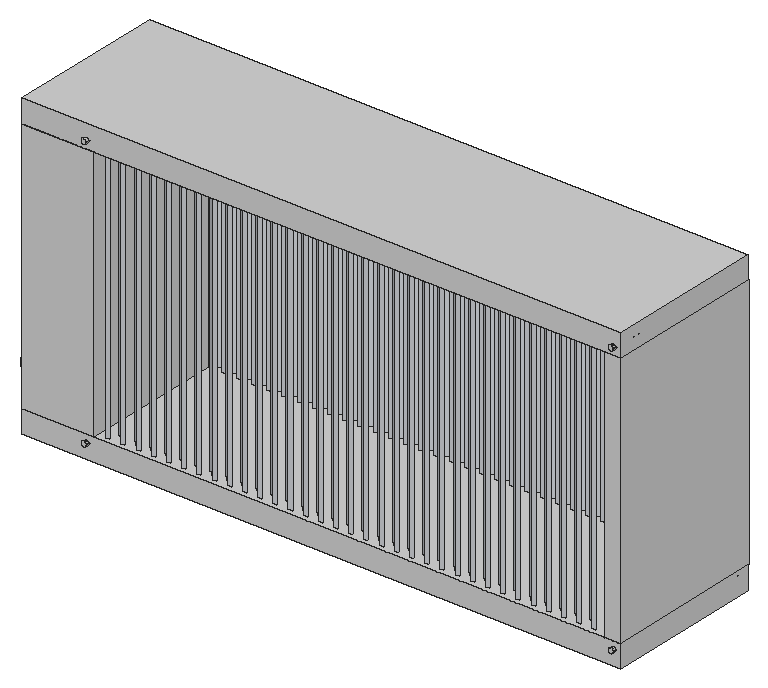
Revit family "НЕВАТОМ_Охладитель OFP-L_20220407", category Оборудование, Revit 2017
Family settings
  Размер круглого соединителя = Использовать диаметр
  Тип детали = Вставляется
  На основе рабочей плоскости = Нет
  Всегда вертикально = Нет
  При загрузке вырезать с полостями = Нет
  Общий = Нет
  Точка расчета площади = Нет
Parameters (values of type "OFP 100-50/3")
  Н = 35 mm
  Материал корпуса = Материал корпуса
  t = 2 mm  # constant formula
  l = 30 mm
  d = 20 mm  # constant formula
  Nevatom_Частотный преобразователь = ""
  Nevatom_Регулятор расхода = ""
  Nevatom_URL = "https://t.me/NEVATOM_Bim_bot"
  Nevatom_ Для задания электроснабжения = ""
  N = D / 30 mm  # 34
  K = 1287 mm
  G = 28 mm
  F = 55 mm
  C пр. сеч = 500 mm
  E = 330 mm
  D пр.сеч = 1000 mm
  D = 1030 mm
  ADSK_Размер_Ширина = 312 mm  # constant formula
  ADSK_Размер_Длина = K  # 1287 mm
  ADSK_Размер_Высота = B  # 588 mm
  ADSK_Материал наименование = "Оцинкованная сталь"  # constant formula
  A = 1170 mm
  C = 530 mm
  B = 588 mm
  ADSK_Ток = 0 A
  ADSK_Полная мощность = 0 kW
  ADSK_Напряжение = 0 V
  ADSK_Расход воздуха = 6000.0 m³/h
  ADSK_Примечание = ""
  ADSK_Потеря давления воздуха = 76.0 Pa
  ADSK_Позиция = ""
  ADSK_Наименование = "ОХЛАДИТЕЛЬ ФРЕОНОВЫЙ"
  ADSK_Масса_Текст = "45,0 кг"
  ADSK_Масса = 45
  ADSK_Марка = "OFP 100-50/3-L"
  ADSK_Код изделия = ""
  ADSK_Завод-изготовитель = "NEVATOM"
  ADSK_Единица измерения = "шт."
  5 = 5 mm  # constant formula
  312 = 312 mm  # constant formula
Types (19, lengths in mm): name | Н | N | K | G | F | C пр. сеч | E | D пр.сеч | D | ADSK_Размер_Длина | ADSK_Размер_Высота | A | C | B | ADSK_Расход воздуха | ADSK_Потеря давления воздуха | ADSK_Масса_Текст | ADSK_Масса | ADSK_Марка
  (no name) | 35 | 34 | 1287 | 28 | 55 | 500 | 330 | 1000 | 1030 | 1287 | 588 | 1170 | 530 | 588 | 6000.0 m³/h | 76.0 Pa | "45,0 кг" | 45 | "OFP 100-50/3-L"
  OFP 40-20/3 | 16 | 14 | 686 | 12 | 64 | 200 | 90 | 400 | 420 | 686 | 266 | 551 | 220 | 266 | 800.0 m³/h | 57.0 Pa | "15,7 кг" | 15.7 | "OFP 40-20/3-L"
  OFP 40-20/4 | 16 | 14 | 686 | 12 | 64 | 200 | 90 | 400 | 420 | 686 | 266 | 551 | 220 | 266 | 800.0 m³/h | 74.0 Pa | "17,0 кг" | 17 | "OFP 40-20/4-L"
  OFP 50-25/3 | 16 | 17 | 785 | 12 | 64 | 250 | 130 | 500 | 520 | 785 | 316 | 650 | 270 | 316 | 1250.0 m³/h | 57.0 Pa | "19,8 кг" | 19.8 | "OFP 50-25/3-L"
  OFP 50-25/4 | 16 | 17 | 785 | 12 | 64 | 250 | 130 | 500 | 520 | 785 | 316 | 650 | 270 | 316 | 1250.0 m³/h | 74.0 Pa | "20,8 кг" | 20.8 | "OFP 50-25/4-L"
  OFP 50-30/3 | 22 | 17 | 786 | 16 | 64 | 300 | 160 | 500 | 520 | 786 | 366 | 650 | 320 | 366 | 1600.0 m³/h | 63.0 Pa | "21,8 кг" | 21.8 | "OFP 50-30/3-L"
  OFP 50-30/4 | 22 | 17 | 786 | 16 | 64 | 300 | 160 | 500 | 520 | 786 | 366 | 650 | 320 | 366 | 1600.0 m³/h | 82.0 Pa | "22,7 кг" | 22.7 | "OFP 50-30/4-L"
  OFP 60-30/3 | 22 | 21 | 887 | 16 | 64 | 300 | 160 | 600 | 630 | 887 | 387 | 771 | 332 | 387 | 1850.0 m³/h | 59.0 Pa | "24,2 кг" | 24.2 | "OFP 60-30/3-L"
  OFP 60-30/4 | 22 | 21 | 887 | 16 | 64 | 300 | 160 | 600 | 630 | 887 | 387 | 771 | 332 | 387 | 1850.0 m³/h | 78.0 Pa | "25,4 кг" | 25.4 | "OFP 60-30/4-L"
  OFP 60-35/3 | 22 | 21 | 887 | 16 | 64 | 350 | 190 | 600 | 630 | 887 | 436 | 771 | 382 | 436 | 2150.0 m³/h | 59.0 Pa | "26,0 кг" | 26 | "OFP 60-35/3-L"
  OFP 60-35/4 | 22 | 21 | 887 | 16 | 64 | 350 | 190 | 600 | 630 | 887 | 436 | 771 | 382 | 436 | 2150.0 m³/h | 77.0 Pa | "27,4 кг" | 27.4 | "OFP 60-35/4-L"
  OFP 70-40/3 | 28 | 24 | 987 | 22 | 64 | 400 | 230 | 700 | 730 | 987 | 487 | 871 | 432 | 487 | 3500.0 m³/h | 81.0 Pa | "28,3 кг" | 28.3 | "OFP 70-40/3-L"
  OFP 70-40/4 | 28 | 24 | 987 | 22 | 64 | 400 | 230 | 700 | 730 | 987 | 487 | 871 | 432 | 487 | 3500.0 m³/h | 106.0 Pa | "32,0 кг" | 32 | "OFP 70-40/4-L"
  OFP 80-50/3 | 28 | 28 | 1087 | 22 | 64 | 500 | 290 | 800 | 830 | 1087 | 588 | 974 | 530 | 588 | 5000.0 m³/h | 81.0 Pa | "40,0 кг" | 40 | "OFP 80-50/3-L"
  OFP 80-50/4 | 28 | 28 | 1087 | 22 | 64 | 500 | 290 | 800 | 830 | 1087 | 588 | 974 | 530 | 588 | 5000.0 m³/h | 107.0 Pa | "40,3 кг" | 40.3 | "OFP 80-50/4-L"
  OFP 90-50/3 | 35 | 31 | 1215 | 28 | 64 | 500 | 320 | 900 | 930 | 1215 | 588 | 1080 | 530 | 588 | 5500.0 m³/h | 78.0 Pa | "42,0 кг" | 42 | "OFP 90-50/3-L"
  OFP 90-50/4 | 35 | 31 | 1215 | 28 | 64 | 500 | 320 | 900 | 930 | 1215 | 588 | 1080 | 530 | 588 | 5500.0 m³/h | 103.0 Pa | "43,3 кг" | 43.3 | "OFP 90-50/4-L"
  OFP 100-50/3 | 35 | 34 | 1287 | 28 | 55 | 500 | 330 | 1000 | 1030 | 1287 | 588 | 1170 | 530 | 588 | 6000.0 m³/h | 76.0 Pa | "45,0 кг" | 45 | "OFP 100-50/3-L"
  OFP 100-50/4 | 35 | 34 | 1287 | 28 | 55 | 500 | 330 | 1000 | 1030 | 1287 | 588 | 1170 | 530 | 588 | 6000.0 m³/h | 101.0 Pa | "46,3 кг" | 46.3 | "OFP 100-50/4-L"
Reference planes
  plane 1 "По центру (Вперед/Назад)": y = 0
  plane 2: z = 100.007
  plane 3 "По центру (Влево/Вправо)": x = 0
  plane 4: z = 265.007
  plane 5: z = -64.993
  plane 6: x = 500
  plane 7: x = -500
  plane 8: z = 350.007
  plane 9: z = -149.993
  plane 10: z = 394.007
  plane 11: z = -193.993
  plane 12: x = 530
  plane 13: x = -640
  plane 14: x = -515
  plane 15: x = 515
  plane 16: y = -156
  plane 17: y = 156
  plane 18: x = -757
  plane 19: y = 96.5
  plane 20: y = 41.5
  plane 21: z = -171.993
  plane 22: z = 365.007
  plane 23: z = -164.993
Forms (mm)
  Extrusion 1, solid, material "Материал корпуса"
    sketch origin (0, 0, 0) x (1, 0, 0) y (0, 0, 1)
      loop
        line (-640, 394.007) -> (-640, 350.007) -> (530, 350.007) -> (530, 394.007) -> (-640, 394.007)
      loop
        line (-640, -193.993) -> (530, -193.993) -> (530, -149.993) -> (-640, -149.993) -> (-640, -193.993)
    from -156 to 156
  Extrusion 2, solid, material "Материал корпуса" <- "Материал корпуса"
    sketch origin (0, 0, 0) x (1, 0, 0) y (0, 0, 1)
      loop
        circle (-515, 365.007) r 5
      loop
        circle (515, 365.007) r 5
      loop
        circle (515, -164.993) r 5
      loop
        circle (-515, -164.993) r 5
    from -161 to 161
  Extrusion 3, solid, material "Материал корпуса"
    sketch origin (0, 0, 100.007) x (1, 0, 0) y (0, 1, 0)
      loop
        line (500, 156) -> (500, -156) -> (530, -156) -> (530, 156) -> (500, 156)
      loop
        line (-640, 156) -> (-640, -156) -> (-500, -156) -> (-500, 156) -> (-640, 156)
    from -250 to 250
  Extrusion 4, solid, material "Материал корпуса"
    sketch origin (-280, 0, 0) x (0, 1, 0) y (0, 0, -1)
      loop
        circle (0, 171.993) r 14
      loop
        circle (41.5, 64.993) r 17.5
      loop
        circle (96.5, -265.007) r 14
    from 360 to 477
Dimensions and locks
  "A": plane 12 to plane 13
  equal spacing: plane 6, plane 3 "По центру (Влево/Вправо)", plane 7
  "D пр.сеч": plane 6 to plane 7
  "l": plane 12 to plane 6
  equal spacing: plane 8, level, plane 9
  "C пр. сеч": plane 8 to plane 9
  equal spacing: plane 4, plane 2, plane 5
  "E": plane 4 to plane 5
  "B": plane 10 to plane 11
  equal spacing: plane 10, plane 2, plane 11
  equal spacing: plane 17, plane 1 "По центру (Вперед/Назад)", plane 16
  "312": plane 17 to plane 16
  plane 18 to plane 13 = 117 mm
  plane 13 to plane 12 = 1170 mm
  equal spacing: plane 15, plane 3 "По центру (Влево/Вправо)", plane 14
  "D": plane 15 to plane 14
  equal spacing: plane 9, plane 21, plane 11
  "F": plane 20 to plane 19
  plane 1 "По центру (Вперед/Назад)" to plane 20 = 41.5 mm
  locked: plane 19 to plane 17 at 59.5
  equal spacing: group 1, group 3, group 4, group 5, group 6, group 7, group 8, group 9, group 10, group 11, group 12, group 13, group 14, group 29, group 30, group 31, group 35, group 36, group 37, group 38, group 43, group 44, group 45, group 46, group 47, group 48, group 49, group 50, group 51, group 52, group 63, group 64, group 65, group 2  (x3)
  locked: nested 15 to plane 16 at 10
  equal spacing: group 16, group 68, group 67, group 66, group 62, group 61, group 60, group 59, group 58, group 57, group 56, group 55, group 54, group 53, group 42, group 41, group 40, group 39, group 34, group 33, group 32, group 28, group 27, group 26, group 25, group 24, group 23, group 22, group 21, group 20, group 19, group 18, group 17, group 15
  equal spacing: group 15, group 17, group 18, group 19, group 20, group 21, group 22, group 23, group 24, group 25, group 26, group 27, group 28, group 32, group 33, group 34, group 39, group 40, group 41, group 42, group 53, group 54, group 55, group 56, group 57, group 58, group 59, group 60, group 61, group 62, group 66, group 67, group 68, group 16  (x2)
  "5": Extrusion 2 to plane 17
  "5": plane 16 to Extrusion 2
  "K": plane 12 to plane 18
  equal spacing: plane 22, plane 2, plane 23
  "C": plane 22 to plane 23
  "G": diameter of Extrusion 4 sketch curve  (x2)
  "Н": diameter of Extrusion 4 sketch curve
  aligned and locked: level to plane 2
  aligned and locked: Extrusion 1 sketch curve to plane 10
  aligned and locked: plane 13 to Extrusion 1 sketch curve
  aligned and locked: plane 8 to Extrusion 1 sketch curve
  aligned and locked: Extrusion 1 sketch curve to plane 12
  aligned and locked: Extrusion 1 sketch curve to plane 11
  aligned and locked: Extrusion 1 sketch curve to plane 13
  aligned and locked: plane 9 to Extrusion 1 sketch curve
  aligned and locked: plane 12 to Extrusion 1 sketch curve
  aligned and locked: plane 17 to Extrusion 1
  aligned and locked: Extrusion 1 to plane 16
  aligned and locked: plane 7 to nested 1
  aligned and locked: plane 6 to nested 2
  aligned and locked: nested 15 to plane 6
  aligned and locked: nested 16 to plane 7
  aligned and locked: plane 14 to Extrusion 2 sketch curve  (x2)
  aligned and locked: plane 15 to Extrusion 2 sketch curve  (x2)
  aligned and locked: Extrusion 3 to Extrusion 1
  aligned and locked: Extrusion 3 sketch curve to Extrusion 1  (x2)
  aligned and locked: plane 16 to Extrusion 3 sketch curve
  aligned and locked: Extrusion 3 sketch curve to plane 7
  aligned and locked: plane 8 to Extrusion 3
  aligned and locked: plane 13 to Extrusion 4
  aligned and locked: Extrusion 4 to plane 18
  aligned and locked: plane 22 to Extrusion 2 sketch curve  (x2)
  aligned and locked: plane 23 to Extrusion 2 sketch curve  (x2)
  aligned and locked: plane 20 to Extrusion 4 sketch curve
  aligned and locked: plane 5 to Extrusion 4 sketch curve
  aligned and locked: nested 63 to Extrusion 1  (x3)
Automatic sketch dimensions
  Extrusion 3 sketch curve to plane 6 = 0 mm
  Extrusion 3 sketch curve to plane 12 = 0 mm
  Extrusion 3 sketch curve to plane 16 = 0 mm
  Extrusion 3 sketch curve to plane 17 = 0 mm
  Extrusion 4 sketch curve to plane 1 "По центру (Вперед/Назад)" = 0 mm
  Extrusion 4 sketch curve to plane 4 = 0 mm
  Extrusion 4 sketch curve to plane 19 = 0 mm
  Extrusion 4 sketch curve to plane 21 = 0 mm
  radius of Extrusion 2 sketch curve = 5 mm  (x4)
Nested families
  nested 1: "Семейство1" at (-490, 134, 100.007), type "Семейство1"
    with E 500 mm, 20 20 mm
  nested 2: "Семейство1" at (490, 134, 100.007), type "Семейство1"
    with E 500 mm, 20 20 mm
  nested 3: "Семейство1" at (-460.303, 134, 100.007), type "Семейство1"
    with E 500 mm, 20 20 mm
  nested 4: "Семейство1" at (-430.606, 134, 100.007), type "Семейство1"
    with E 500 mm, 20 20 mm
  nested 5: "Семейство1" at (-400.909, 134, 100.007), type "Семейство1"
    with E 500 mm, 20 20 mm
  nested 6: "Семейство1" at (-371.212, 134, 100.007), type "Семейство1"
    with E 500 mm, 20 20 mm
  nested 7: "Семейство1" at (-341.515, 134, 100.007), type "Семейство1"
    with E 500 mm, 20 20 mm
  nested 8: "Семейство1" at (-311.818, 134, 100.007), type "Семейство1"
    with E 500 mm, 20 20 mm
  nested 9: "Семейство1" at (-282.121, 134, 100.007), type "Семейство1"
    with E 500 mm, 20 20 mm
  nested 10: "Семейство1" at (-252.424, 134, 100.007), type "Семейство1"
    with E 500 mm, 20 20 mm
  nested 11: "Семейство1" at (-222.727, 134, 100.007), type "Семейство1"
    with E 500 mm, 20 20 mm
  nested 12: "Семейство1" at (-193.03, 134, 100.007), type "Семейство1"
    with E 500 mm, 20 20 mm
  nested 13: "Семейство1" at (-163.333, 134, 100.007), type "Семейство1"
    with E 500 mm, 20 20 mm
  nested 14: "Семейство1" at (-133.636, 134, 100.007), type "Семейство1"
    with E 500 mm, 20 20 mm
  nested 15: "Семейство1" at (490, -136, 100.007), type "Семейство1"
    with E 500 mm, 20 20 mm
  nested 16: "Семейство1" at (-490, -136, 100.007), type "Семейство1"
    with E 500 mm, 20 20 mm
  nested 17: "Семейство1" at (460.303, -136, 100.007), type "Семейство1"
    with E 500 mm, 20 20 mm
  nested 18: "Семейство1" at (430.606, -136, 100.007), type "Семейство1"
    with E 500 mm, 20 20 mm
  nested 19: "Семейство1" at (400.909, -136, 100.007), type "Семейство1"
    with E 500 mm, 20 20 mm
  nested 20: "Семейство1" at (371.212, -136, 100.007), type "Семейство1"
    with E 500 mm, 20 20 mm
  nested 21: "Семейство1" at (341.515, -136, 100.007), type "Семейство1"
    with E 500 mm, 20 20 mm
  nested 22: "Семейство1" at (311.818, -136, 100.007), type "Семейство1"
    with E 500 mm, 20 20 mm
  nested 23: "Семейство1" at (282.121, -136, 100.007), type "Семейство1"
    with E 500 mm, 20 20 mm
  nested 24: "Семейство1" at (252.424, -136, 100.007), type "Семейство1"
    with E 500 mm, 20 20 mm
  nested 25: "Семейство1" at (222.727, -136, 100.007), type "Семейство1"
    with E 500 mm, 20 20 mm
  nested 26: "Семейство1" at (193.03, -136, 100.007), type "Семейство1"
    with E 500 mm, 20 20 mm
  nested 27: "Семейство1" at (163.333, -136, 100.007), type "Семейство1"
    with E 500 mm, 20 20 mm
  nested 28: "Семейство1" at (133.636, -136, 100.007), type "Семейство1"
    with E 500 mm, 20 20 mm
  nested 29: "Семейство1" at (-103.939, 134, 100.007), type "Семейство1"
    with E 500 mm, 20 20 mm
  nested 30: "Семейство1" at (-74.242, 134, 100.007), type "Семейство1"
    with E 500 mm, 20 20 mm
  nested 31: "Семейство1" at (-44.545, 134, 100.007), type "Семейство1"
    with E 500 mm, 20 20 mm
  nested 32: "Семейство1" at (103.939, -136, 100.007), type "Семейство1"
    with E 500 mm, 20 20 mm
  nested 33: "Семейство1" at (74.242, -136, 100.007), type "Семейство1"
    with E 500 mm, 20 20 mm
  nested 34: "Семейство1" at (44.545, -136, 100.007), type "Семейство1"
    with E 500 mm, 20 20 mm
  nested 35: "Семейство1" at (-14.848, 134, 100.007), type "Семейство1"
    with E 500 mm, 20 20 mm
  nested 36: "Семейство1" at (14.848, 134, 100.007), type "Семейство1"
    with E 500 mm, 20 20 mm
  nested 37: "Семейство1" at (44.545, 134, 100.007), type "Семейство1"
    with E 500 mm, 20 20 mm
  nested 38: "Семейство1" at (74.242, 134, 100.007), type "Семейство1"
    with E 500 mm, 20 20 mm
  nested 39: "Семейство1" at (14.848, -136, 100.007), type "Семейство1"
    with E 500 mm, 20 20 mm
  nested 40: "Семейство1" at (-14.848, -136, 100.007), type "Семейство1"
    with E 500 mm, 20 20 mm
  nested 41: "Семейство1" at (-44.545, -136, 100.007), type "Семейство1"
    with E 500 mm, 20 20 mm
  nested 42: "Семейство1" at (-74.242, -136, 100.007), type "Семейство1"
    with E 500 mm, 20 20 mm
  nested 43: "Семейство1" at (103.939, 134, 100.007), type "Семейство1"
    with E 500 mm, 20 20 mm
  nested 44: "Семейство1" at (133.636, 134, 100.007), type "Семейство1"
    with E 500 mm, 20 20 mm
  nested 45: "Семейство1" at (163.333, 134, 100.007), type "Семейство1"
    with E 500 mm, 20 20 mm
  nested 46: "Семейство1" at (193.03, 134, 100.007), type "Семейство1"
    with E 500 mm, 20 20 mm
  nested 47: "Семейство1" at (222.727, 134, 100.007), type "Семейство1"
    with E 500 mm, 20 20 mm
  nested 48: "Семейство1" at (252.424, 134, 100.007), type "Семейство1"
    with E 500 mm, 20 20 mm
  nested 49: "Семейство1" at (282.121, 134, 100.007), type "Семейство1"
    with E 500 mm, 20 20 mm
  nested 50: "Семейство1" at (311.818, 134, 100.007), type "Семейство1"
    with E 500 mm, 20 20 mm
  nested 51: "Семейство1" at (341.515, 134, 100.007), type "Семейство1"
    with E 500 mm, 20 20 mm
  nested 52: "Семейство1" at (371.212, 134, 100.007), type "Семейство1"
    with E 500 mm, 20 20 mm
  nested 53: "Семейство1" at (-103.939, -136, 100.007), type "Семейство1"
    with E 500 mm, 20 20 mm
  nested 54: "Семейство1" at (-133.636, -136, 100.007), type "Семейство1"
    with E 500 mm, 20 20 mm
  nested 55: "Семейство1" at (-163.333, -136, 100.007), type "Семейство1"
    with E 500 mm, 20 20 mm
  nested 56: "Семейство1" at (-193.03, -136, 100.007), type "Семейство1"
    with E 500 mm, 20 20 mm
  nested 57: "Семейство1" at (-222.727, -136, 100.007), type "Семейство1"
    with E 500 mm, 20 20 mm
  nested 58: "Семейство1" at (-252.424, -136, 100.007), type "Семейство1"
    with E 500 mm, 20 20 mm
  nested 59: "Семейство1" at (-282.121, -136, 100.007), type "Семейство1"
    with E 500 mm, 20 20 mm
  nested 60: "Семейство1" at (-311.818, -136, 100.007), type "Семейство1"
    with E 500 mm, 20 20 mm
  nested 61: "Семейство1" at (-341.515, -136, 100.007), type "Семейство1"
    with E 500 mm, 20 20 mm
  nested 62: "Семейство1" at (-371.212, -136, 100.007), type "Семейство1"
    with E 500 mm, 20 20 mm
  nested 63: "НЕВАТОМ_QR-AxB" at (-590, -106, 394.007), type "Nevatom_Logo_100x100", not visible
  nested 64: "Семейство1" at (400.909, 134, 100.007), type "Семейство1"
    with E 500 mm, 20 20 mm
  nested 65: "Семейство1" at (430.606, 134, 100.007), type "Семейство1"
    with E 500 mm, 20 20 mm
  nested 66: "Семейство1" at (460.303, 134, 100.007), type "Семейство1"
    with E 500 mm, 20 20 mm
  nested 67: "Семейство1" at (-400.909, -136, 100.007), type "Семейство1"
    with E 500 mm, 20 20 mm
  nested 68: "Семейство1" at (-430.606, -136, 100.007), type "Семейство1"
    with E 500 mm, 20 20 mm
  nested 69: "Семейство1" at (-460.303, -136, 100.007), type "Семейство1"
    with E 500 mm, 20 20 mm
Connectors
  hvac at (0, 156, 100.007), driven by "C пр. сеч", driven by "D пр.сеч"
    settings: on Extrusion 3, index 1, duct flow 0.0 m³/h, flow factor 0, pres drop 0.0 Pa, loss coef 0, conn angle 0.00°, conn width 1000 mm, conn height 500 mm, conn diameter 609.6 mm, duct sys type 29, conn prof type 1, flow config 0, flow direction 0, loss method 0, conn ref index -1, conn util no, is conn primary yes, conn desc ""
  hvac at (0, -156, 100.007), driven by "C пр. сеч", driven by "D пр.сеч"
    settings: on Extrusion 3, index 2, duct flow 0.0 m³/h, flow factor 0, pres drop 0.0 Pa, loss coef 0, conn angle 0.00°, conn width 1000 mm, conn height 500 mm, conn diameter 609.6 mm, duct sys type 29, conn prof type 1, flow config 0, flow direction 0, loss method 0, conn ref index -1, conn util no, is conn primary no, conn desc ""
  piping at (-757, 96.5, 265.007), diameter 28, driven by "G"
    settings: on Extrusion 4, index 3, connector inside diameter 609.6 mm, connector length 0 mm, flow factor 0, pipe flow 0.0 L/s, pressure drop 0.0 Pa, fitting loss kfactor 0, connector angle 0.00°, fixture units 0, engagement length 0 mm, angle of deflection 0.00°, flow configuration 0, flow direction 0, fitting loss method 0, system type 28, joint type 0, gender type 0, connector reference index -1, connector utility 0, adjustable connector no, is connector primary yes, connector description ""
  piping at (-757, 41.5, -64.993), diameter 35, driven by "Н"
    settings: on Extrusion 4, index 4, connector inside diameter 609.6 mm, connector length 0 mm, flow factor 0, pipe flow 0.0 L/s, pressure drop 0.0 Pa, fitting loss kfactor 0, connector angle 0.00°, fixture units 0, engagement length 0 mm, angle of deflection 0.00°, flow configuration 0, flow direction 0, fitting loss method 0, system type 28, joint type 0, gender type 0, connector reference index -1, connector utility 0, adjustable connector no, is connector primary no, connector description ""
  piping at (-757, 0, -171.993), diameter 28, driven by "G"
    settings: on Extrusion 4, index 5, connector inside diameter 609.6 mm, connector length 0 mm, flow factor 0, pipe flow 0.0 L/s, pressure drop 0.0 Pa, fitting loss kfactor 0, connector angle 0.00°, fixture units 0, engagement length 0 mm, angle of deflection 0.00°, flow configuration 0, flow direction 0, fitting loss method 0, system type 28, joint type 0, gender type 0, connector reference index -1, connector utility 0, adjustable connector no, is connector primary no, connector description ""
Definition of nested family "Семейство1"
  Parameters (values of type "Семейство1")
    E = 196.412 mm
    20 = 50 mm
  Reference planes
    plane 1 "По центру (Вперед/Назад)": y = 0
    plane 2: z = 0
    plane 3 "По центру (Влево/Вправо)": x = 0
    plane 4: x = 25
    plane 5: x = -25
    plane 6: y = -25
    plane 7: y = 25
    plane 8: z = 98.206
    plane 9: z = -98.206
    plane 10: through (-652.191, -652.191, 1200) normal (-0.7071, 0.7071, 0)
  Forms (mm)
    Extrusion 1, solid
      sketch origin (-23.125, 9.105, 0) x (0.707107, 0.707107, 0) y (-0.707107, 0.707107, 0)
        loop
          line (-22.652, -25.581) -> (48.059, -25.581) -> (42.478, -20) -> (-28.232, -20) -> (-22.652, -25.581)
      from -98.206 to 98.206
  Dimensions and locks
    "E": plane 8 to plane 9
    equal spacing: plane 5, plane 3 "По центру (Влево/Вправо)", plane 4
    equal spacing: plane 7, plane 1 "По центру (Вперед/Назад)", plane 6
    "20": plane 5 to plane 4
    "20": plane 7 to plane 6
    Extrusion 1 to plane 10 to Extrusion 1 = 2.79 mm, 2.79 mm
    equal spacing: Extrusion 1 sketch curve, plane 10, Extrusion 1 sketch curve
    Extrusion 1 sketch curve to Extrusion 1 sketch curve = 5.581 mm
    equal spacing: plane 8, level, plane 9
    locked: plane 1 "По центру (Вперед/Назад)" to plane 10 (angle 45.00°)
    aligned and locked: level to plane 2
    aligned and locked: Extrusion 1 sketch curve to plane 6
    aligned and locked: plane 7 to Extrusion 1 sketch curve
    aligned and locked: plane 8 to Extrusion 1
    aligned and locked: Extrusion 1 to plane 9
Definition of nested family "НЕВАТОМ_QR-AxB"
  Parameters (values of type "Nevatom_Logo_25x25")
    Logo_Image = none
    L = 2 mm
    B = A  # 25 mm
    A = 25 mm
  Types (5, lengths in mm): name | B | A
    (no name) | 25 | 25
    Nevatom_Logo_200x200 | 200 | 200
    Nevatom_Logo_100x100 | 100 | 100
    Nevatom_Logo_50x50 | 50 | 50
    Nevatom_Logo_25x25 | 25 | 25
  Reference planes
    plane 1 "По центру (Вперед/Назад)": y = 0
    plane 2: z = 0
    plane 3 "По центру (Влево/Вправо)": x = 0
    plane 4: x = -12.5
    plane 5: x = 12.5
    plane 6: y = 12.5
    plane 7: y = -12.5
  Forms (mm)
    Extrusion 1, solid, material <- "Logo_Image"
      sketch origin (0, 0, 0) x (1, 0, 0) y (0, 1, 0)
        loop
          line (-12.5, 12.5) -> (-12.5, -12.5) -> (12.5, -12.5) -> (12.5, 12.5) -> (-12.5, 12.5)
      from 0 to 2 <- "L"
  Lines and regions (mm)
    reference lines
      curve 1: line (-12.5, 12.5, 0) -> (12.5, 12.5, 0)
      curve 2: line (12.5, 12.5, 0) -> (12.5, -12.5, 0)
      curve 3: line (12.5, -12.5, 0) -> (-12.5, -12.5, 0)
      curve 4: line (-12.5, -12.5, 0) -> (-12.5, 12.5, 0)
  Dimensions and locks
    equal spacing: plane 4, plane 3 "По центру (Влево/Вправо)", plane 5
    "A": plane 4 to plane 5
    equal spacing: plane 6, plane 1 "По центру (Вперед/Назад)", plane 7
    "B": plane 6 to plane 7
    aligned and locked: level to plane 2
    aligned and locked: plane 6 to curve 1
    aligned and locked: plane 4 to curve 4
    aligned and locked: plane 5 to curve 2
    aligned and locked: plane 7 to curve 3
    aligned and locked: Extrusion 1 sketch curve to curve 1
    aligned and locked: Extrusion 1 sketch curve to curve 4
    aligned and locked: Extrusion 1 sketch curve to curve 3
    aligned and locked: Extrusion 1 sketch curve to curve 2
